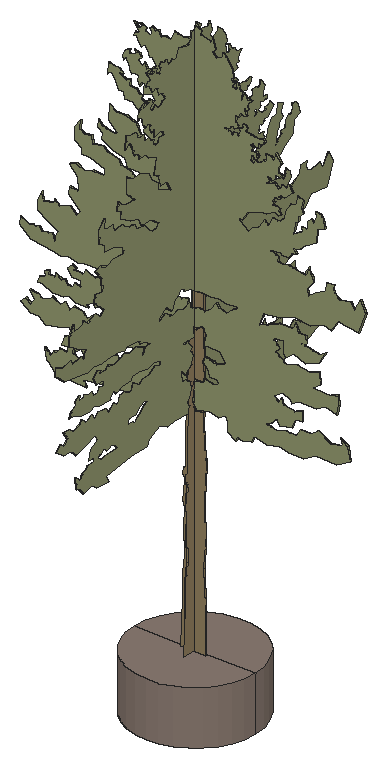
Revit family "L-PL상록교목_스트로브잣나무", category 수목, Revit 2019
Family settings
  OmniClass 번호 = 23.40.05.00
  OmniClass 제목 = Plants and Planting Products
  작업 기준면 기반 = 아니오
  항상 수직 = 예
  로드될 때 보이드를 사용하여 절단 = 아니오
  렌더 모양 소스 = 패밀리 형상
  공유 = 아니오
Parameters (values of type "스트로브잣나무")
  한국산업규격KS = ""
  콘 높이 = 뿌리분 직경 / 4  # 272.5 mm
  조달청표준공사코드-세부공종 = "10161599202809"
  뿌리분 직경 = (24 mm + ((R / 10) - 3 mm) * 5) * 10  # 1090 mm
  뿌리분 높이 = 뿌리분 직경 / 2  # 545 mm
  높이 = 5000 mm
  건설정보분류체계-부위분류 = "E985"
  R = 200 mm
  LIM_INFO_주의사항 = "재배포, 재가공, 판매 금지"
  LIM_INFO_제작일 = "20240306"
  LIM_INFO_버전 = "2024_V01"
  LIM_INFO_PL_학명 = "Pinus strobus"
  LIM_INFO_PL_품명 = "스트로브잣나무"
  LIM_INFO_PL_주당인정수량 = 0
  LIM_INFO_PL_수목단위 = "주"
  LIM_INFO_PL_규격 = "5.0H X 20R"
  LIM_INFO_PL_구분 = "상록교목"
  LIM_INFO_PL_가격 = 0
  LIM_INFO_PL_Qty [instance] = 0
  LIM_INFO_PL_M2당수량 = 0
  KBIMS_식별-버전 = ""
  KBIMS_식별-bSK등록번호 = ""
  KBIMS_보급정보-저작자 = "림인포테크_MMJ"
  KBIMS_보급정보-보급코드 = ""
  H = 높이  # 5000 mm
Reference planes
  plane 1 "중심(앞/뒤)": y = 0
  plane 2: z = 0
  plane 3 "중심(왼쪽/오른쪽)": x = 0
  plane 4: x = 482.5
  plane 5: x = -607.5
  plane 6: z = -545
  plane 7: z = -817.5
  plane 8: z = 5000
  plane 9: x = -100
  plane 10: x = 100
Forms (mm)
  Revolve 1, solid, material "흙"
    sketch origin (0, 0, 0) x (1, 0, 0) y (0, 0, 1)
      loop
        line (0, 0) -> (-607.5, 0) -> (-607.5, -545) -> (0, -545) -> (0, 0)
      axis (0, 0) -> (0, -545)
    angle from 0 to 360
  Revolve 2, solid, material "흙"
    sketch origin (0, 0, 0) x (1, 0, 0) y (0, 0, 1)
      loop
        line (0, -545) -> (-607.5, -545) -> (0, -817.5) -> (0, -545)
      axis (0, -545) -> (0, -817.5)
    angle from 0 to 360
Dimensions and locks
  "뿌리분 직경": plane 4 to plane 5
  "뿌리분 높이": plane 6 to level
  "콘 높이": plane 7 to plane 6
  "H": level to plane 8
  "R": plane 9 to plane 10
  aligned and locked: level to plane 2
Automatic sketch dimensions
  Revolve 1 sketch curve to level = 0 mm  (x2)
  Revolve 1 sketch curve to plane 5 = 0 mm
  Revolve 1 sketch curve to plane 3 "중심(왼쪽/오른쪽)" = 0 mm  (x2)
  Revolve 1 sketch curve to plane 6 = 0 mm  (x2)
  Revolve 2 sketch curve to plane 5 = 0 mm
  Revolve 2 sketch curve to plane 3 "중심(왼쪽/오른쪽)" = 0 mm  (x2)
  Revolve 2 sketch curve to plane 7 = 0 mm  (x2)
  Revolve 2 sketch curve to plane 6 = 0 mm  (x2)
Nested families
  nested 1: "스트로브잣나무.dwg" at (0, -20, 0), type "스트로브잣나무.dwg"
Definition of nested family "스트로브잣나무.dwg"
  Parameters (values of type "스트로브잣나무.dwg")
    Height = 6000 mm
  Reference planes
    plane 1 "중심(앞/뒤)": y = 0
    plane 2: z = 0
    plane 3 "중심(왼쪽/오른쪽)": x = 0
    plane 4 "중심 L/S": x = 0.971
  Forms (mm)
    Extrusion 1, solid, detail levels fine
      sketch origin (0, 0, 0) x (1, 0, 0) y (0, 0, 1)
        loop
          line (-1273.55, 2036.07) -> (-1214.934, 1996.233) -> (-1067.221, 1986.86) -> (-1097.701, 2040.757) -> (-774.14, 2087.624) -> (-588.913, 2085.28) -> (-570.156, 2141.521) -> (-424.788, 2204.792) -> (-326.312, 2148.551) -> (-241.905, 2171.985) -> (-72.585, 2152.737) -> (-60.689, 2221.328) -> (-83.566, 2270.714) -> (-48.794, 2290.834) -> (-35.068, 2365.826) -> (-47.879, 2431.674) -> (-97.291, 2470.999) -> (-157.685, 2470.999) -> (-168.808, 2581.661) -> (-111.072, 2524.528) -> (-47.047, 2568.521) -> (-8.175, 2654.792) -> (-43.046, 2704.498) -> (-25.896, 2737.064) -> (-76.773, 2801.624) -> (-102.497, 2787.912) -> (-148.8, 2808.48) -> (-85.347, 2815.336) -> (-36.757, 2808.48) -> (0.971, 2818.764) -> (-6.46, 2871.327) -> (-17.08, 2915.737) -> (38.472, 2906.97) -> (98.409, 2946.419) -> (137.88, 2874.826) -> (111.566, 2769.629) -> (161.27, 2784.24) -> (269.449, 2772.551) -> (326.462, 2687.809) -> (238.75, 2651.282) -> (129.108, 2681.964) -> (104.256, 2622.06) -> (143.25, 2576.541) -> (166.617, 2516.695) -> (233.798, 2510.857) -> (260.086, 2483.124) -> (210.431, 2458.309) -> (114.041, 2474.366) -> (115.501, 2442.253) -> (19.111, 2430.576) -> (-13.019, 2242.281) -> (38.097, 2170.759) -> (163.696, 2197.032) -> (253.405, 2173.955) -> (323.487, 2219.437) -> (347.151, 2179.412) -> (346.24, 2082.081) -> (432.704, 2031.141) -> (452.727, 2064.797) -> (500.965, 2059.34) -> (592.89, 2080.261) -> (616.499, 2134.56) -> (737.412, 2106.672) -> (872.277, 2132.236) -> (953.661, 2111.32) -> (1111.778, 2111.32) -> (1225.715, 2176.391) -> (1441.964, 2171.743) -> (1576.828, 2243.786) -> (1551.251, 2376.252) -> (1479.168, 2429.704) -> (1495.445, 2359.985) -> (1376.857, 2343.717) -> (1258.269, 2413.436) -> (1190.837, 2364.633) -> (1081.55, 2359.985) -> (1042.02, 2292.59) -> (928.083, 2299.561) -> (835.073, 2267.026) -> (735.087, 2297.237) -> (783.917, 2318.153) -> (837.398, 2366.957) -> (872.277, 2325.125) -> (995.515, 2353.013) -> (1025.744, 2429.704) -> (1095.501, 2434.352) -> (1097.827, 2534.282) -> (1028.069, 2501.747) -> (904.83, 2524.986) -> (888.554, 2580.762) -> (860.651, 2536.606) -> (807.17, 2569.142) -> (902.505, 2631.889) -> (981.564, 2597.029) -> (993.19, 2559.846) -> (1057.287, 2605.111) -> (1243.126, 2609.754) -> (1333.722, 2653.867) -> (1440.579, 2623.685) -> (1463.809, 2721.196) -> (1454.517, 2807.099) -> (1377.859, 2767.63) -> (1196.666, 2776.917) -> (1277.97, 2832.637) -> (1264.033, 2939.436) -> (1159.498, 2904.61) -> (1034.057, 2925.505) -> (934.54, 2892.483) -> (826.81, 2970.451) -> (863.958, 3007.579) -> (793.377, 3089.26) -> (904.821, 3096.685) -> (908.536, 2989.015) -> (930.825, 2955.6) -> (1008.836, 3018.717) -> (1123.996, 2970.451) -> (1268.874, 3026.143) -> (1333.797, 3142.038) -> (1270.891, 3097.659) -> (1093.275, 3134.642) -> (1133.979, 3149.435) -> (1130.279, 3219.702) -> (1059.972, 3219.702) -> (1026.67, 3297.366) -> (1011.868, 3241.892) -> (863.855, 3238.194) -> (664.038, 3156.831) -> (708.442, 3271.478) -> (874.956, 3293.668) -> (1004.468, 3345.444) -> (1182.083, 3326.953) -> (1307.894, 3386.125) -> (1385.601, 3360.237) -> (1459.608, 3460.091) -> (1663.126, 3434.203) -> (1733.432, 3630.212) -> (1681.627, 3733.764) -> (1618.223, 3625.004) -> (1580.639, 3685.683) -> (1470.777, 3665.457) -> (1424.52, 3688.573) -> (1404.282, 3734.805) -> (1414.401, 3775.258) -> (1340.678, 3768.034) -> (1330.56, 3691.462) -> (1232.262, 3640.896) -> (1161.431, 3591.775) -> (1148.421, 3651.009) -> (1209.134, 3721.802) -> (1200.46, 3776.702) -> (1155.649, 3818.6) -> (1135.411, 3763.7) -> (1025.549, 3776.702) -> (961.945, 3799.818) -> (902.678, 3775.258) -> (850.638, 3795.484) -> (859.312, 3834.492) -> (772.36, 3863.213) -> (874.406, 3879.459) -> (888.855, 3866.823) -> (961.099, 3865.018) -> (996.318, 3912.854) -> (1039.665, 3925.489) -> (1009.864, 3957.981) -> (1073.981, 3977.838) -> (1132.68, 4032.894) -> (1239.241, 4090.658) -> (1249.175, 4211.601) -> (1320.516, 4247.703) -> (1304.261, 4328.933) -> (1273.557, 4361.426) -> (1232.017, 4368.646) -> (1241.95, 4319.908) -> (1209.44, 4265.754) -> (1189.573, 4291.928) -> (1153.451, 4250.411) -> (1145.323, 4188.134) -> (1091.14, 4182.719) -> (1093.849, 4143.909) -> (1006.252, 4090.658) -> (1021.604, 4127.663) -> (1031.538, 4200.77) -> (1063.145, 4223.334) -> (1063.145, 4263.949) -> (1108.298, 4303.662) -> (1091.355, 4353.1) -> (1107.21, 4425.126) -> (1049.557, 4449.615) -> (1036.585, 4358.862) -> (978.933, 4347.338) -> (925.604, 4265.229) -> (916.956, 4197.524) -> (857.862, 4158.63) -> (797.327, 4158.63) -> (754.066, 4074.626) -> (717.203, 4114.164) -> (657.862, 4027) -> (596.724, 3999.143) -> (553.567, 3952.416) -> (503.218, 3983.867) -> (448.331, 4036.388) -> (498.915, 4036.388) -> (550.103, 4118.495) -> (670.845, 4172.582) -> (733.536, 4173.477) -> (820.257, 4227.692) -> (857.487, 4205.477) -> (886.938, 4219.917) -> (861.932, 4247.13) -> (870.823, 4271.011) -> (843.595, 4273.788) -> (800.252, 4284.34) -> (819.701, 4314.33) -> (800.808, 4315.44) -> (829.147, 4357.648) -> (848.596, 4346.541) -> (881.381, 4365.979) -> (859.71, 4368.756) -> (877.491, 4389.304) -> (921.386, 4383.396) -> (999.745, 4453.46) -> (980.069, 4483.084) -> (954.458, 4514.541) -> (940.574, 4484.203) -> (886.921, 4485.794) -> (893.226, 4459.361) -> (860.5, 4448.201) -> (814.615, 4486.436) -> (776.88, 4455.94) -> (740.035, 4460.732) -> (768.098, 4481.096) -> (751.231, 4512.324) -> (780.892, 4523.747) -> (787.537, 4488.469) -> (835.135, 4522.397) -> (826.266, 4525.757) -> (827.979, 4556.692) -> (871.197, 4547.342) -> (891.356, 4569.317) -> (905.935, 4550.51) -> (917.32, 4582.037) -> (855.759, 4590.933) -> (857.488, 4626.104) -> (890.591, 4680.612) -> (832.82, 4752.059) -> (831.857, 4721.434) -> (809.398, 4691.395) -> (780.34, 4714.586) -> (729.86, 4710.933) -> (740.876, 4687.78) -> (736.366, 4651.528) -> (708.221, 4653.701) -> (693.761, 4629.466) -> (660.022, 4605.288) -> (626.54, 4613.97) -> (608.165, 4576.207) -> (561.322, 4604.783) -> (589.76, 4609.268) -> (590.938, 4637.856) -> (576.762, 4646.464) -> (595.862, 4653.315) -> (614.18, 4625.16) -> (640.17, 4630.915) -> (653.783, 4649.937) -> (641.762, 4654.319) -> (639.598, 4674.082) -> (663.498, 4672.226) -> (641.622, 4693.532) -> (611.932, 4687.834) -> (585.781, 4687.753) -> (595.723, 4724.835) -> (582.856, 4738.355) -> (602.926, 4760.234) -> (626.6, 4743.584) -> (659.331, 4738.383) -> (661.111, 4774.114) -> (686.142, 4781.611) -> (688.128, 4766.29) -> (709.723, 4791.104) -> (707.069, 4811.122) -> (729.265, 4813.861) -> (709.4, 4834.346) -> (655.247, 4818.197) -> (620.54, 4827.832) -> (576.591, 4832.191) -> (534.872, 4838.47) -> (532.885, 4852.435) -> (547.424, 4875.674) -> (528.296, 4904.087) -> (502.262, 4896.675) -> (505.872, 4860.928) -> (461.699, 4850.623) -> (482.432, 4831.229) -> (460.81, 4776.568) -> (436.876, 4794.545) -> (406.242, 4790.139) -> (399.794, 4768.24) -> (364.7, 4792.015) -> (307.343, 4799.03) -> (327.396, 4815.093) -> (344.126, 4805.784) -> (372.931, 4818.531) -> (354.027, 4829.585) -> (395.383, 4847.512) -> (414.194, 4830.348) -> (448.178, 4845.947) -> (457.109, 4870.252) -> (426.597, 4889.8) -> (430.601, 4911.737) -> (431.199, 4950.84) -> (460.013, 4948.186) -> (482.897, 4985.717) -> (503.796, 4972.891) -> (544.613, 4985.136) -> (530.437, 5003.324) -> (520.838, 5039.795) -> (539.904, 5034.808) -> (555.646, 5042.371) -> (545.585, 5074.163) -> (556.081, 5096.258) -> (594.215, 5137.445) -> (550.477, 5138.524) -> (513.479, 5171.522) -> (501.626, 5137.341) -> (486.36, 5109.853) -> (486.525, 5146.171) -> (509.35, 5182.522) -> (475.093, 5190.482) -> (454.076, 5246.66) -> (421.862, 5260.445) -> (437.901, 5236.37) -> (443.296, 5180.438) -> (394.654, 5192.92) -> (404.523, 5225.179) -> (389.588, 5270.326) -> (407.343, 5281.763) -> (398.648, 5352.531) -> (346.302, 5425.924) -> (300.141, 5464.274) -> (301.072, 5428.009) -> (239.667, 5401.973) -> (195.939, 5437.308) -> (224.781, 5467.993) -> (193.148, 5567.489) -> (182.914, 5524.715) -> (73.129, 5545.172) -> (87.085, 5586.086) -> (32.192, 5627) -> (19.167, 5567.489) -> (-25.491, 5549.821) -> (-23.63, 5498.679) -> (-82.244, 5464.274) -> (-183.655, 5489.38) -> (-227.23, 5396.888) -> (-268.994, 5421.933) -> (-287.557, 5402.454) -> (-322.825, 5398.744) -> (-340.459, 5445.123) -> (-368.302, 5433.065) -> (-404.498, 5456.254) -> (-433.27, 5435.847) -> (-414.707, 5401.526) -> (-424.917, 5364.422) -> (-472.25, 5391.323) -> (-466.682, 5424.716) -> (-520.512, 5446.979) -> (-504.734, 5392.25) -> (-566.917, 5418.223) -> (-540.002, 5443.268) -> (-591.976, 5441.413) -> (-565.989, 5405.237) -> (-534.433, 5350.509) -> (-572.486, 5352.364) -> (-592.904, 5315.26) -> (-559.492, 5320.825) -> (-550.211, 5289.287) -> (-517.728, 5238.269) -> (-480.603, 5262.387) -> (-449.048, 5230.849) -> (-437.91, 5174.265) -> (-408.211, 5183.541) -> (-350.102, 5101.974) -> (-393.587, 5099.656) -> (-409.822, 5071.262) -> (-459.105, 5061.99) -> (-471.281, 5089.226) -> (-486.356, 5111.246) -> (-504.91, 5067.785) -> (-537.379, 5080.533) -> (-546.656, 5112.405) -> (-517.666, 5134.426) -> (-528.682, 5174.41) -> (-583.764, 5186.579) -> (-564.05, 5155.867) -> (-613.914, 5138.482) -> (-634.207, 5143.118) -> (-622.611, 5174.99) -> (-669.575, 5154.708) -> (-702.624, 5095.021) -> (-692.767, 5057.354) -> (-671.894, 5080.533) -> (-639.425, 5044.605) -> (-645.385, 5044.817) -> (-636.488, 4992.95) -> (-608.316, 4957.383) -> (-581.626, 4978.13) -> (-546.041, 4964.793) -> (-550.489, 4923.299) -> (-530.808, 4881.908) -> (-508.632, 4911.46) -> (-487.935, 4909.982) -> (-492.37, 4878.953) -> (-492.37, 4825.76) -> (-445.061, 4840.535) -> (-405.144, 4843.491) -> (-368.184, 4791.775) -> (-439.147, 4791.775) -> (-443.583, 4750.403) -> (-476.107, 4750.403) -> (-514.546, 4772.566) -> (-504.197, 4800.641) -> (-539.679, 4813.939) -> (-564.812, 4847.923) -> (-586.988, 4836.103) -> (-628.383, 4852.356) -> (-626.905, 4904.072) -> (-666.822, 4889.296) -> (-733.35, 4926.236) -> (-697.868, 4926.236) -> (-733.35, 4967.608) -> (-802.835, 4969.086) -> (-841.273, 4988.294) -> (-857.536, 4871.565) -> (-842.752, 4890.773) -> (-808.748, 4909.982) -> (-768.831, 4842.013) -> (-746.655, 4769.611) -> (-691.955, 4765.179) -> (-678.649, 4710.508) -> (-601.772, 4711.985) -> (-564.912, 4671.415) -> (-461.525, 4630.083) -> (-491.064, 4485.421) -> (-436.416, 4445.565) -> (-411.308, 4352.568) -> (-340.414, 4351.092) -> (-294.628, 4261.047) -> (-337.46, 4284.665) -> (-446.755, 4325.998) -> (-446.755, 4393.9) -> (-523.557, 4449.994) -> (-561.958, 4526.753) -> (-660.914, 4568.085) -> (-762.825, 4565.133) -> (-836.673, 4612.37) -> (-839.627, 4469.183) -> (-742.147, 4367.329) -> (-829.288, 4368.806) -> (-909.044, 4398.329) -> (-944.49, 4436.708) -> (-957.783, 4365.853) -> (-903.136, 4328.95) -> (-910.521, 4274.332) -> (-789.41, 4203.477) -> (-687.5, 4175.431) -> (-653.529, 4101.623) -> (-542.758, 4100.147) -> (-445.278, 4029.292) -> (-464.479, 3987.96) -> (-547.189, 4007.15) -> (-615.128, 4078.005) -> (-721.47, 4100.147) -> (-736.239, 4140.003) -> (-851.442, 4175.431) -> (-892.797, 4212.334) -> (-999.138, 4199.049) -> (-1012.431, 4265.476) -> (-1084.802, 4258.095) -> (-1132.064, 4280.237) -> (-1121.726, 4364.377) -> (-1188.189, 4284.665) -> (-1182.281, 4166.574) -> (-1111.387, 4119.337) -> (-1112.864, 4069.148) -> (-1019.854, 4059.704) -> (-888.405, 4010.991) -> (-881.02, 3946.04) -> (-1000.654, 3954.897) -> (-1086.317, 3922.422) -> (-1160.165, 3963.754) -> (-1232.537, 3937.184) -> (-1155.735, 3842.71) -> (-1143.919, 3720.19) -> (-1232.537, 3731.999) -> (-1242.875, 3665.573) -> (-1123.374, 3545.851) -> (-1166.143, 3503.106) -> (-1225.135, 3562.065) -> (-1334.27, 3522.268) -> (-1384.413, 3563.539) -> (-1388.837, 3532.585) -> (-1497.972, 3507.528) -> (-1509.771, 3588.597) -> (-1556.964, 3494.262) -> (-1556.964, 3410.245) -> (-1462.577, 3349.812) -> (-1341.644, 3286.43) -> (-1366.716, 3256.951) -> (-1381.464, 3189.147) -> (-1408.01, 3252.529) -> (-1512.72, 3231.893) -> (-1537.792, 3271.691) -> (-1646.927, 3248.107) -> (-1725.091, 3296.748) -> (-1732.465, 3217.153) -> (-1620.38, 3125.766) -> (-1408.288, 3089.909) -> (-1322.834, 3073.711) -> (-1255.06, 3098.744) -> (-1153.398, 3076.656) -> (-1079.73, 3091.381) -> (-947.128, 3088.436) -> (-860.2, 3066.348) -> (-839.573, 3097.271) -> (-695.184, 3088.436) -> (-668.664, 3047.205) -> (-614.15, 3038.37) -> (-544.902, 2991.248) -> (-605.31, 2989.776) -> (-614.15, 2952.962) -> (-658.351, 2920.566) -> (-636.25, 3000.084) -> (-720.232, 3041.315) -> (-788.006, 3016.282) -> (-861.674, 3045.732) -> (-932.431, 3014.629) -> (-976.632, 3005.794) -> (-1028.199, 3007.266) -> (-1076.82, 3035.245) -> (-1095.974, 2996.958) -> (-1197.635, 2999.903) -> (-1166.695, 3019.047) -> (-1206.476, 3041.135) -> (-1256.569, 2991.068) -> (-1218.262, 2921.859) -> (-1123.968, 2920.386) -> (-1128.388, 2871.792) -> (-1182.902, 2885.045) -> (-1202.056, 2839.396) -> (-1256.569, 2839.396) -> (-1277.196, 2882.1) -> (-1311.084, 2868.847) -> (-1377.385, 2901.243) -> (-1377.385, 2868.847) -> (-1440.739, 2876.21) -> (-1433.372, 2911.551) -> (-1480.519, 2883.573) -> (-1473.153, 2843.814) -> (-1535.034, 2817.308) -> (-1557.134, 2764.297) -> (-1502.62, 2764.297) -> (-1403.905, 2720.12) -> (-1297.824, 2714.23) -> (-1246.256, 2743.681) -> (-1172.588, 2708.34) -> (-1044.406, 2708.34) -> (-1059.14, 2733.373) -> (-998.732, 2767.242) -> (-973.685, 2734.846) -> (-895.597, 2765.769) -> (-786.569, 2764.297) -> (-782.149, 2801.11) -> (-687.854, 2804.055) -> (-581.66, 2784.371) -> (-503.648, 2806.438) -> (-415.333, 2784.371) -> (-416.805, 2741.709) -> (-480.098, 2766.718) -> (-553.693, 2718.171) -> (-639.064, 2719.642) -> (-683.222, 2685.807) -> (-755.346, 2734.354) -> (-786.256, 2660.798) -> (-861.324, 2696.105) -> (-926.088, 2696.105) -> (-949.639, 2619.607) -> (-998.212, 2662.269) -> (-1065.92, 2599.012) -> (-1098.302, 2651.972) -> (-1192.505, 2668.154) -> (-1235.191, 2624.021) -> (-1277.876, 2676.98) -> (-1319.09, 2647.558) -> (-1335.281, 2641.674) -> (-1404.461, 2684.336) -> (-1422.124, 2654.914) -> (-1506.023, 2625.492) -> (-1556.069, 2665.212) -> (-1631.137, 2668.154) -> (-1582.563, 2594.598) -> (-1619.361, 2544.581) -> (-1669.406, 2581.359) -> (-1719.451, 2529.87) -> (-1623.777, 2462.199) -> (-1539.878, 2462.199) -> (-1475.113, 2400.413) -> (-1350, 2432.777) -> (-1239.607, 2472.497) -> (-1201.337, 2418.066) -> (-1287.112, 2366.12) -> (-1311.866, 2279.068) -> (-1254.106, 2280.901) -> (-1253.189, 2240.582) -> (-1333.871, 2243.331) -> (-1343.039, 2210.343) -> (-1396.216, 2200.263) -> (-1416.573, 2148.551) -> (-1479.879, 2202.448) -> (-1468.156, 2092.311) -> (-1447.054, 2085.28) -> (-1379.059, 2014.98) -> (-1273.55, 2036.07)
        loop
          line (-115.863, 3281.369) -> (-132.27, 3308.2) -> (-179.996, 3315.654) -> (-190.437, 3275.406) -> (-239.655, 3254.537) -> (-282.907, 3171.062) -> (-351.515, 3227.706) -> (-442.494, 3174.043) -> (-441.003, 3123.361) -> (-354.498, 3175.533) -> (-315.719, 3151.683) -> (-262.027, 3120.38) -> (-191.928, 3138.267) -> (-126.304, 3117.398) -> (-47.256, 3139.758) -> (-48.748, 3095.039) -> (18.368, 3069.698) -> (67.587, 3102.492) -> (115.313, 3083.114) -> (180.938, 3123.361) -> (240.596, 3203.856) -> (261.477, 3163.608) -> (340.524, 3136.777) -> (400.183, 3200.874) -> (459.842, 3223.234) -> (430.012, 3248.575) -> (337.542, 3230.687) -> (251.037, 3250.065) -> (176.464, 3232.178) -> (88.467, 3247.084) -> (-11.461, 3232.178) -> (-41.29, 3266.463) -> (-115.863, 3281.369)
        loop
          line (-705.177, 2397.705) -> (-653.708, 2427.1) -> (-616.026, 2471.192) -> (-589.372, 2485.889) -> (-609.592, 2507.935) -> (-695.986, 2487.726) -> (-721.72, 2436.286) -> (-775.946, 2436.286) -> (-819.143, 2436.286) -> (-838.444, 2386.683) -> (-763.998, 2386.683) -> (-734.588, 2358.207) -> (-705.177, 2397.705)
        loop
          line (-1201.073, 2248.645) -> (-1156.104, 2219.293) -> (-1104.711, 2231.217) -> (-966.132, 2233.969) -> (-979.898, 2274.327) -> (-1024.868, 2293.589) -> (-1090.027, 2270.658) -> (-1123.065, 2310.099) -> (-1178.13, 2268.824) -> (-1194.649, 2297.258) -> (-1201.073, 2248.645)
      from 0 to 5
    Extrusion 2, solid, detail levels fine
      sketch origin (0, 0, 0) x (1, 0, 0) y (0, 0, 1)
        loop
          line (-75.441, 1909.508) -> (-76.446, 1793.638) -> (-75.906, 1607.571) -> (-96.951, 1616.74) -> (-104.506, 1557.954) -> (-82.382, 1523.976) -> (-91.555, 1380.79) -> (-100.188, 1324.7) -> (-86.158, 1252.97) -> (-91.554, 1086.038) -> (-83.46, 835.253) -> (-102.34, 663.416) -> (-104.498, 460.63) -> (-112.045, 204.219) -> (-125, 0) -> (125, 0) -> (123.693, 428.771) -> (109.879, 781.565) -> (123.923, 1004.283) -> (112.733, 1387.349) -> (135.554, 1709.574) -> (134.055, 1764.998) -> (123.564, 1756.01) -> (107.145, 2085.974) -> (111.641, 2174.353) -> (32.475, 2158.759) -> (-21.444, 2241.935) -> (15.486, 2446.013) -> (107.5, 2451.285) -> (106.914, 2477.058) -> (115.118, 2488.187) -> (112.188, 2602.994) -> (96.364, 2622.909) -> (115.126, 2670.03) -> (116.298, 2760.821) -> (108.679, 2758.478) -> (108.093, 2776.051) -> (108.679, 2913.702) -> (95.786, 2936.546) -> (40.109, 2896.129) -> (-7.949, 2906.087) -> (2.6, 2869.77) -> (7.289, 2814.124) -> (-34.908, 2801.238) -> (-58.005, 2805.872) -> (-58.739, 2784.597) -> (-17.265, 2736.91) -> (-37.451, 2703.529) -> (-1.116, 2652.907) -> (-44.813, 2561.048) -> (-68.67, 2546.375) -> (-72.34, 2456.137) -> (-43.716, 2432.481) -> (-29.402, 2363.885) -> (-46.652, 2282.818) -> (-62.801, 2274.381) -> (-62.801, 2236.965) -> (-55.831, 2221.048) -> (-62.529, 2175.66) -> (-75.441, 1909.508)
        loop
          line (109.458, 3095.921) -> (109.458, 3236.643) -> (90.14, 3241.819) -> (-13.568, 3225.393) -> (-13.568, 3085.393) -> (16.288, 3077.394) -> (68.54, 3106.885) -> (109.458, 3095.921)
      from 0 to 5
    Extrusion 3, solid, detail levels fine
      sketch origin (0.971, 0, 0) x (0, 1, 0) y (0, 0, 1)
        loop
          line (-1274.521, 2036.07) -> (-1215.905, 1996.233) -> (-1068.192, 1986.86) -> (-1098.673, 2040.757) -> (-775.111, 2087.624) -> (-589.884, 2085.28) -> (-571.127, 2141.521) -> (-425.759, 2204.792) -> (-327.284, 2148.551) -> (-242.876, 2171.985) -> (-73.556, 2152.737) -> (-61.661, 2221.328) -> (-84.537, 2270.714) -> (-49.765, 2290.834) -> (-36.039, 2365.826) -> (-48.85, 2431.674) -> (-98.263, 2470.999) -> (-158.656, 2470.999) -> (-169.779, 2581.661) -> (-112.043, 2524.528) -> (-48.018, 2568.521) -> (-9.146, 2654.792) -> (-44.017, 2704.498) -> (-26.867, 2737.064) -> (-77.744, 2801.624) -> (-103.468, 2787.912) -> (-149.772, 2808.48) -> (-86.319, 2815.336) -> (-37.729, 2808.48) -> (0, 2818.764) -> (-7.431, 2871.327) -> (-18.051, 2915.737) -> (37.5, 2906.97) -> (97.437, 2946.419) -> (136.908, 2874.826) -> (110.594, 2769.629) -> (160.298, 2784.24) -> (268.478, 2772.551) -> (325.491, 2687.809) -> (237.778, 2651.282) -> (128.137, 2681.964) -> (103.285, 2622.06) -> (142.279, 2576.541) -> (165.646, 2516.695) -> (232.827, 2510.857) -> (259.115, 2483.124) -> (209.459, 2458.309) -> (113.069, 2474.366) -> (114.53, 2442.253) -> (18.14, 2430.576) -> (-13.99, 2242.281) -> (37.126, 2170.759) -> (162.725, 2197.032) -> (252.434, 2173.955) -> (322.515, 2219.437) -> (346.179, 2179.412) -> (345.269, 2082.081) -> (431.733, 2031.141) -> (451.756, 2064.797) -> (499.994, 2059.34) -> (591.918, 2080.261) -> (615.528, 2134.56) -> (736.441, 2106.672) -> (871.306, 2132.236) -> (952.689, 2111.32) -> (1110.807, 2111.32) -> (1224.744, 2176.391) -> (1440.993, 2171.743) -> (1575.857, 2243.786) -> (1550.279, 2376.252) -> (1478.197, 2429.704) -> (1494.473, 2359.985) -> (1375.885, 2343.717) -> (1257.298, 2413.436) -> (1189.865, 2364.633) -> (1080.578, 2359.985) -> (1041.049, 2292.59) -> (927.112, 2299.561) -> (834.102, 2267.026) -> (734.116, 2297.237) -> (782.946, 2318.153) -> (836.427, 2366.957) -> (871.306, 2325.125) -> (994.544, 2353.013) -> (1024.772, 2429.704) -> (1094.53, 2434.352) -> (1096.855, 2534.282) -> (1027.097, 2501.747) -> (903.859, 2524.986) -> (887.582, 2580.762) -> (859.679, 2536.606) -> (806.199, 2569.142) -> (901.534, 2631.889) -> (980.593, 2597.029) -> (992.219, 2559.846) -> (1056.316, 2605.111) -> (1242.154, 2609.754) -> (1332.75, 2653.867) -> (1439.608, 2623.685) -> (1462.837, 2721.196) -> (1453.545, 2807.099) -> (1376.887, 2767.63) -> (1195.695, 2776.917) -> (1276.999, 2832.637) -> (1263.061, 2939.436) -> (1158.527, 2904.61) -> (1033.086, 2925.505) -> (933.569, 2892.483) -> (825.839, 2970.451) -> (862.987, 3007.579) -> (792.405, 3089.26) -> (903.85, 3096.685) -> (907.565, 2989.015) -> (929.854, 2955.6) -> (1007.865, 3018.717) -> (1123.024, 2970.451) -> (1267.902, 3026.143) -> (1332.825, 3142.038) -> (1269.92, 3097.659) -> (1092.304, 3134.642) -> (1133.008, 3149.435) -> (1129.307, 3219.702) -> (1059.001, 3219.702) -> (1025.698, 3297.366) -> (1010.897, 3241.892) -> (862.884, 3238.194) -> (663.066, 3156.831) -> (707.47, 3271.478) -> (873.985, 3293.668) -> (1003.496, 3345.444) -> (1181.112, 3326.953) -> (1306.923, 3386.125) -> (1384.63, 3360.237) -> (1458.637, 3460.091) -> (1662.154, 3434.203) -> (1732.46, 3630.212) -> (1680.656, 3733.764) -> (1617.252, 3625.004) -> (1579.667, 3685.683) -> (1469.806, 3665.457) -> (1423.549, 3688.573) -> (1403.311, 3734.805) -> (1413.43, 3775.258) -> (1339.707, 3768.034) -> (1329.588, 3691.462) -> (1231.291, 3640.896) -> (1160.459, 3591.775) -> (1147.449, 3651.009) -> (1208.162, 3721.802) -> (1199.489, 3776.702) -> (1154.677, 3818.6) -> (1134.439, 3763.7) -> (1024.578, 3776.702) -> (960.974, 3799.818) -> (901.707, 3775.258) -> (849.667, 3795.484) -> (858.34, 3834.492) -> (771.389, 3863.213) -> (873.434, 3879.459) -> (887.883, 3866.823) -> (960.128, 3865.018) -> (995.347, 3912.854) -> (1038.694, 3925.489) -> (1008.893, 3957.981) -> (1073.01, 3977.838) -> (1131.709, 4032.894) -> (1238.27, 4090.658) -> (1248.203, 4211.601) -> (1319.545, 4247.703) -> (1303.29, 4328.933) -> (1272.586, 4361.426) -> (1231.045, 4368.646) -> (1240.979, 4319.908) -> (1208.469, 4265.754) -> (1188.602, 4291.928) -> (1152.479, 4250.411) -> (1144.352, 4188.134) -> (1090.168, 4182.719) -> (1092.877, 4143.909) -> (1005.281, 4090.658) -> (1020.633, 4127.663) -> (1030.566, 4200.77) -> (1062.173, 4223.334) -> (1062.173, 4263.949) -> (1107.326, 4303.662) -> (1090.384, 4353.1) -> (1106.239, 4425.126) -> (1048.586, 4449.615) -> (1035.614, 4358.862) -> (977.962, 4347.338) -> (924.633, 4265.229) -> (915.985, 4197.524) -> (856.891, 4158.63) -> (796.356, 4158.63) -> (753.094, 4074.626) -> (716.231, 4114.164) -> (656.891, 4027) -> (595.753, 3999.143) -> (552.596, 3952.416) -> (502.247, 3983.867) -> (447.359, 4036.388) -> (497.943, 4036.388) -> (549.131, 4118.495) -> (669.873, 4172.582) -> (732.564, 4173.477) -> (819.285, 4227.692) -> (856.515, 4205.477) -> (885.966, 4219.917) -> (860.961, 4247.13) -> (869.852, 4271.011) -> (842.624, 4273.788) -> (799.281, 4284.34) -> (818.73, 4314.33) -> (799.837, 4315.44) -> (828.176, 4357.648) -> (847.625, 4346.541) -> (880.41, 4365.979) -> (858.738, 4368.756) -> (876.52, 4389.304) -> (920.415, 4383.396) -> (998.773, 4453.46) -> (979.098, 4483.084) -> (953.486, 4514.541) -> (939.602, 4484.203) -> (885.949, 4485.794) -> (892.254, 4459.361) -> (859.529, 4448.201) -> (813.643, 4486.436) -> (775.909, 4455.94) -> (739.063, 4460.732) -> (767.126, 4481.096) -> (750.26, 4512.324) -> (779.92, 4523.747) -> (786.566, 4488.469) -> (834.163, 4522.397) -> (825.295, 4525.757) -> (827.007, 4556.692) -> (870.226, 4547.342) -> (890.384, 4569.317) -> (904.963, 4550.51) -> (916.348, 4582.037) -> (854.787, 4590.933) -> (856.516, 4626.104) -> (889.619, 4680.612) -> (831.849, 4752.059) -> (830.886, 4721.434) -> (808.427, 4691.395) -> (779.368, 4714.586) -> (728.889, 4710.933) -> (739.904, 4687.78) -> (735.395, 4651.528) -> (707.25, 4653.701) -> (692.79, 4629.466) -> (659.051, 4605.288) -> (625.568, 4613.97) -> (607.193, 4576.207) -> (560.351, 4604.783) -> (588.789, 4609.268) -> (589.967, 4637.856) -> (575.79, 4646.464) -> (594.891, 4653.315) -> (613.208, 4625.16) -> (639.199, 4630.915) -> (652.812, 4649.937) -> (640.791, 4654.319) -> (638.626, 4674.082) -> (662.527, 4672.226) -> (640.651, 4693.532) -> (610.961, 4687.834) -> (584.81, 4687.753) -> (594.752, 4724.835) -> (581.884, 4738.355) -> (601.955, 4760.234) -> (625.629, 4743.584) -> (658.359, 4738.383) -> (660.14, 4774.114) -> (685.171, 4781.611) -> (687.156, 4766.29) -> (708.752, 4791.104) -> (706.098, 4811.122) -> (728.294, 4813.861) -> (708.429, 4834.346) -> (654.276, 4818.197) -> (619.569, 4827.832) -> (575.62, 4832.191) -> (533.901, 4838.47) -> (531.914, 4852.435) -> (546.453, 4875.674) -> (527.325, 4904.087) -> (501.291, 4896.675) -> (504.901, 4860.928) -> (460.727, 4850.623) -> (481.46, 4831.229) -> (459.838, 4776.568) -> (435.905, 4794.545) -> (405.271, 4790.139) -> (398.822, 4768.24) -> (363.729, 4792.015) -> (306.371, 4799.03) -> (326.424, 4815.093) -> (343.155, 4805.784) -> (371.96, 4818.531) -> (353.056, 4829.585) -> (394.412, 4847.512) -> (413.222, 4830.348) -> (447.207, 4845.947) -> (456.137, 4870.252) -> (425.625, 4889.8) -> (429.629, 4911.737) -> (430.228, 4950.84) -> (459.042, 4948.186) -> (481.926, 4985.717) -> (502.825, 4972.891) -> (543.642, 4985.136) -> (529.465, 5003.324) -> (519.867, 5039.795) -> (538.933, 5034.808) -> (554.675, 5042.371) -> (544.614, 5074.163) -> (555.109, 5096.258) -> (593.244, 5137.445) -> (549.506, 5138.524) -> (512.507, 5171.522) -> (500.655, 5137.341) -> (485.389, 5109.853) -> (485.554, 5146.171) -> (508.378, 5182.522) -> (474.122, 5190.482) -> (453.105, 5246.66) -> (420.89, 5260.445) -> (436.93, 5236.37) -> (442.324, 5180.438) -> (393.682, 5192.92) -> (403.552, 5225.179) -> (388.617, 5270.326) -> (406.372, 5281.763) -> (397.676, 5352.531) -> (345.331, 5425.924) -> (299.17, 5464.274) -> (300.1, 5428.009) -> (238.695, 5401.973) -> (194.968, 5437.308) -> (223.809, 5467.993) -> (192.176, 5567.489) -> (181.942, 5524.715) -> (72.158, 5545.172) -> (86.113, 5586.086) -> (31.221, 5627) -> (18.196, 5567.489) -> (-26.462, 5549.821) -> (-24.602, 5498.679) -> (-83.215, 5464.274) -> (-184.627, 5489.38) -> (-228.201, 5396.888) -> (-269.966, 5421.933) -> (-288.528, 5402.454) -> (-323.796, 5398.744) -> (-341.43, 5445.123) -> (-369.273, 5433.065) -> (-405.47, 5456.254) -> (-434.241, 5435.847) -> (-415.679, 5401.526) -> (-425.888, 5364.422) -> (-473.222, 5391.323) -> (-467.653, 5424.716) -> (-521.483, 5446.979) -> (-505.705, 5392.25) -> (-567.889, 5418.223) -> (-540.974, 5443.268) -> (-592.948, 5441.413) -> (-566.961, 5405.237) -> (-535.405, 5350.509) -> (-573.457, 5352.364) -> (-593.876, 5315.26) -> (-560.464, 5320.825) -> (-551.183, 5289.287) -> (-518.699, 5238.269) -> (-481.574, 5262.387) -> (-450.019, 5230.849) -> (-438.881, 5174.265) -> (-409.182, 5183.541) -> (-351.073, 5101.974) -> (-394.559, 5099.656) -> (-410.793, 5071.262) -> (-460.077, 5061.99) -> (-472.253, 5089.226) -> (-487.328, 5111.246) -> (-505.881, 5067.785) -> (-538.351, 5080.533) -> (-547.627, 5112.405) -> (-518.637, 5134.426) -> (-529.654, 5174.41) -> (-584.735, 5186.579) -> (-565.022, 5155.867) -> (-614.885, 5138.482) -> (-635.178, 5143.118) -> (-623.582, 5174.99) -> (-670.546, 5154.708) -> (-703.595, 5095.021) -> (-693.739, 5057.354) -> (-672.866, 5080.533) -> (-640.396, 5044.605) -> (-646.356, 5044.817) -> (-637.459, 4992.95) -> (-609.287, 4957.383) -> (-582.598, 4978.13) -> (-547.012, 4964.793) -> (-551.46, 4923.299) -> (-531.78, 4881.908) -> (-509.604, 4911.46) -> (-488.906, 4909.982) -> (-493.341, 4878.953) -> (-493.341, 4825.76) -> (-446.032, 4840.535) -> (-406.115, 4843.491) -> (-369.155, 4791.775) -> (-440.119, 4791.775) -> (-444.554, 4750.403) -> (-477.079, 4750.403) -> (-515.517, 4772.566) -> (-505.169, 4800.641) -> (-540.65, 4813.939) -> (-565.783, 4847.923) -> (-587.959, 4836.103) -> (-629.354, 4852.356) -> (-627.876, 4904.072) -> (-667.793, 4889.296) -> (-734.321, 4926.236) -> (-698.839, 4926.236) -> (-734.321, 4967.608) -> (-803.806, 4969.086) -> (-842.245, 4988.294) -> (-858.507, 4871.565) -> (-843.723, 4890.773) -> (-809.72, 4909.982) -> (-769.803, 4842.013) -> (-747.627, 4769.611) -> (-692.926, 4765.179) -> (-679.62, 4710.508) -> (-602.743, 4711.985) -> (-565.883, 4671.415) -> (-462.496, 4630.083) -> (-492.035, 4485.421) -> (-437.388, 4445.565) -> (-412.28, 4352.568) -> (-341.386, 4351.092) -> (-295.6, 4261.047) -> (-338.431, 4284.665) -> (-447.727, 4325.998) -> (-447.727, 4393.9) -> (-524.529, 4449.994) -> (-562.93, 4526.753) -> (-661.886, 4568.085) -> (-763.796, 4565.133) -> (-837.644, 4612.37) -> (-840.598, 4469.183) -> (-743.119, 4367.329) -> (-830.259, 4368.806) -> (-910.015, 4398.329) -> (-945.462, 4436.708) -> (-958.755, 4365.853) -> (-904.107, 4328.95) -> (-911.492, 4274.332) -> (-790.381, 4203.477) -> (-688.471, 4175.431) -> (-654.501, 4101.623) -> (-543.729, 4100.147) -> (-446.25, 4029.292) -> (-465.45, 3987.96) -> (-548.16, 4007.15) -> (-616.1, 4078.005) -> (-722.441, 4100.147) -> (-737.211, 4140.003) -> (-852.414, 4175.431) -> (-893.768, 4212.334) -> (-1000.109, 4199.049) -> (-1013.402, 4265.476) -> (-1085.773, 4258.095) -> (-1133.036, 4280.237) -> (-1122.697, 4364.377) -> (-1189.16, 4284.665) -> (-1183.253, 4166.574) -> (-1112.359, 4119.337) -> (-1113.835, 4069.148) -> (-1020.826, 4059.704) -> (-889.376, 4010.991) -> (-881.991, 3946.04) -> (-1001.625, 3954.897) -> (-1087.289, 3922.422) -> (-1161.137, 3963.754) -> (-1233.508, 3937.184) -> (-1156.706, 3842.71) -> (-1144.89, 3720.19) -> (-1233.508, 3731.999) -> (-1243.846, 3665.573) -> (-1124.345, 3545.851) -> (-1167.115, 3503.106) -> (-1226.106, 3562.065) -> (-1335.241, 3522.268) -> (-1385.384, 3563.539) -> (-1389.809, 3532.585) -> (-1498.944, 3507.528) -> (-1510.742, 3588.597) -> (-1557.936, 3494.262) -> (-1557.936, 3410.245) -> (-1463.548, 3349.812) -> (-1342.615, 3286.43) -> (-1367.687, 3256.951) -> (-1382.435, 3189.147) -> (-1408.981, 3252.529) -> (-1513.692, 3231.893) -> (-1538.763, 3271.691) -> (-1647.898, 3248.107) -> (-1726.062, 3296.748) -> (-1733.436, 3217.153) -> (-1621.352, 3125.766) -> (-1409.26, 3089.909) -> (-1323.805, 3073.711) -> (-1256.031, 3098.744) -> (-1154.369, 3076.656) -> (-1080.702, 3091.381) -> (-948.1, 3088.436) -> (-861.172, 3066.348) -> (-840.545, 3097.271) -> (-696.156, 3088.436) -> (-669.635, 3047.205) -> (-615.121, 3038.37) -> (-545.873, 2991.248) -> (-606.281, 2989.776) -> (-615.121, 2952.962) -> (-659.322, 2920.566) -> (-637.222, 3000.084) -> (-721.203, 3041.315) -> (-788.977, 3016.282) -> (-862.645, 3045.732) -> (-933.403, 3014.629) -> (-977.603, 3005.794) -> (-1029.171, 3007.266) -> (-1077.791, 3035.245) -> (-1096.945, 2996.958) -> (-1198.607, 2999.903) -> (-1167.666, 3019.047) -> (-1207.447, 3041.135) -> (-1257.541, 2991.068) -> (-1219.234, 2921.859) -> (-1124.939, 2920.386) -> (-1129.359, 2871.792) -> (-1183.873, 2885.045) -> (-1203.027, 2839.396) -> (-1257.541, 2839.396) -> (-1278.168, 2882.1) -> (-1312.055, 2868.847) -> (-1378.356, 2901.243) -> (-1378.356, 2868.847) -> (-1441.71, 2876.21) -> (-1434.344, 2911.551) -> (-1481.491, 2883.573) -> (-1474.124, 2843.814) -> (-1536.005, 2817.308) -> (-1558.105, 2764.297) -> (-1503.591, 2764.297) -> (-1404.877, 2720.12) -> (-1298.795, 2714.23) -> (-1247.227, 2743.681) -> (-1173.559, 2708.34) -> (-1045.378, 2708.34) -> (-1060.111, 2733.373) -> (-999.704, 2767.242) -> (-974.656, 2734.846) -> (-896.569, 2765.769) -> (-787.54, 2764.297) -> (-783.12, 2801.11) -> (-688.826, 2804.055) -> (-582.631, 2784.371) -> (-504.62, 2806.438) -> (-416.305, 2784.371) -> (-417.776, 2741.709) -> (-481.069, 2766.718) -> (-554.665, 2718.171) -> (-640.036, 2719.642) -> (-684.193, 2685.807) -> (-756.317, 2734.354) -> (-787.227, 2660.798) -> (-862.295, 2696.105) -> (-927.06, 2696.105) -> (-950.61, 2619.607) -> (-999.183, 2662.269) -> (-1066.892, 2599.012) -> (-1099.274, 2651.972) -> (-1193.477, 2668.154) -> (-1236.162, 2624.021) -> (-1278.848, 2676.98) -> (-1320.061, 2647.558) -> (-1336.253, 2641.674) -> (-1405.433, 2684.336) -> (-1423.096, 2654.914) -> (-1506.995, 2625.492) -> (-1557.04, 2665.212) -> (-1632.108, 2668.154) -> (-1583.535, 2594.598) -> (-1620.332, 2544.581) -> (-1670.377, 2581.359) -> (-1720.423, 2529.87) -> (-1624.748, 2462.199) -> (-1540.849, 2462.199) -> (-1476.085, 2400.413) -> (-1350.972, 2432.777) -> (-1240.578, 2472.497) -> (-1202.308, 2418.066) -> (-1288.083, 2366.12) -> (-1312.838, 2279.068) -> (-1255.077, 2280.901) -> (-1254.16, 2240.582) -> (-1334.842, 2243.331) -> (-1344.01, 2210.343) -> (-1397.187, 2200.263) -> (-1417.545, 2148.551) -> (-1480.85, 2202.448) -> (-1469.127, 2092.311) -> (-1448.025, 2085.28) -> (-1380.03, 2014.98) -> (-1274.521, 2036.07)
        loop
          line (-116.835, 3281.369) -> (-133.241, 3308.2) -> (-180.968, 3315.654) -> (-191.408, 3275.406) -> (-240.626, 3254.537) -> (-283.879, 3171.062) -> (-352.486, 3227.706) -> (-443.465, 3174.043) -> (-441.974, 3123.361) -> (-355.469, 3175.533) -> (-316.691, 3151.683) -> (-262.998, 3120.38) -> (-192.899, 3138.267) -> (-127.275, 3117.398) -> (-48.227, 3139.758) -> (-49.719, 3095.039) -> (17.397, 3069.698) -> (66.615, 3102.492) -> (114.342, 3083.114) -> (179.967, 3123.361) -> (239.625, 3203.856) -> (260.506, 3163.608) -> (339.553, 3136.777) -> (399.212, 3200.874) -> (458.87, 3223.234) -> (429.041, 3248.575) -> (336.57, 3230.687) -> (250.065, 3250.065) -> (175.492, 3232.178) -> (87.496, 3247.084) -> (-12.432, 3232.178) -> (-42.262, 3266.463) -> (-116.835, 3281.369)
        loop
          line (-706.148, 2397.705) -> (-654.679, 2427.1) -> (-616.997, 2471.192) -> (-590.344, 2485.889) -> (-610.563, 2507.935) -> (-696.957, 2487.726) -> (-722.692, 2436.286) -> (-776.918, 2436.286) -> (-820.114, 2436.286) -> (-839.415, 2386.683) -> (-764.969, 2386.683) -> (-735.559, 2358.207) -> (-706.148, 2397.705)
        loop
          line (-1202.044, 2248.645) -> (-1157.075, 2219.293) -> (-1105.682, 2231.217) -> (-967.104, 2233.969) -> (-980.87, 2274.327) -> (-1025.839, 2293.589) -> (-1090.998, 2270.658) -> (-1124.037, 2310.099) -> (-1179.101, 2268.824) -> (-1195.62, 2297.258) -> (-1202.044, 2248.645)
      from 0 to 5
    Extrusion 4, solid, detail levels fine
      sketch origin (0.971, 0, 0) x (0, 1, 0) y (0, 0, 1)
        loop
          line (-76.412, 1909.508) -> (-77.417, 1793.638) -> (-76.878, 1607.571) -> (-97.923, 1616.74) -> (-105.478, 1557.954) -> (-83.353, 1523.976) -> (-92.526, 1380.79) -> (-101.16, 1324.7) -> (-87.13, 1252.97) -> (-92.526, 1086.038) -> (-84.431, 835.253) -> (-103.311, 663.416) -> (-105.47, 460.63) -> (-113.016, 204.219) -> (-125.971, 0) -> (124.029, 0) -> (122.722, 428.771) -> (108.907, 781.565) -> (122.952, 1004.283) -> (111.762, 1387.349) -> (134.583, 1709.574) -> (133.084, 1764.998) -> (122.592, 1756.01) -> (106.173, 2085.974) -> (110.67, 2174.353) -> (31.503, 2158.759) -> (-22.415, 2241.935) -> (14.515, 2446.013) -> (106.528, 2451.285) -> (105.942, 2477.058) -> (114.147, 2488.187) -> (111.217, 2602.994) -> (95.393, 2622.909) -> (114.155, 2670.03) -> (115.327, 2760.821) -> (107.708, 2758.478) -> (107.122, 2776.051) -> (107.708, 2913.702) -> (94.814, 2936.546) -> (39.138, 2896.129) -> (-8.92, 2906.087) -> (1.629, 2869.77) -> (6.317, 2814.124) -> (-35.88, 2801.238) -> (-58.976, 2805.872) -> (-59.71, 2784.597) -> (-18.236, 2736.91) -> (-38.423, 2703.529) -> (-2.087, 2652.907) -> (-45.785, 2561.048) -> (-69.641, 2546.375) -> (-73.311, 2456.137) -> (-44.687, 2432.481) -> (-30.373, 2363.885) -> (-47.623, 2282.818) -> (-63.772, 2274.381) -> (-63.772, 2236.965) -> (-56.803, 2221.048) -> (-63.501, 2175.66) -> (-76.412, 1909.508)
        loop
          line (108.487, 3095.921) -> (108.487, 3236.643) -> (89.168, 3241.819) -> (-14.539, 3225.393) -> (-14.539, 3085.393) -> (15.317, 3077.394) -> (67.568, 3106.885) -> (108.487, 3095.921)
      from 0 to 5
    Revolve 5, solid, detail levels coarse
      sketch origin (0, 0, 0) x (1, 0, 0) y (0, 0, 1)
        loop
          line (0, 0) -> (0, 5600) -> (-592.904, 5315.26) -> (-2008.302, 2863.72) -> (-1468.156, 2092.311) -> (-125, 2092.311) -> (-125, 0) -> (0, 0)
        axis (0, 5600) -> (0, 0)
      angle from 0 to 360
  Lines and regions (mm)
    symbolic lines
      curve 1: line (-1166.532, -568.439, 0) -> (-1225.925, -526.255, 0)
      curve 2: line (-1225.925, -526.255, 0) -> (-1305.105, -526.445, 0)
      curve 3: line (-1305.105, -526.445, 0) -> (-1343.524, -529.4, 0)
      curve 4: line (-1343.524, -529.4, 0) -> (-1244.844, -445.848, 0)
      curve 5: line (-1244.844, -445.848, 0) -> (-1221.616, -361.719, 0)
      curve 6: line (-1221.616, -361.719, 0) -> (-1211.925, -304.843, 0)
      curve 7: line (-1211.925, -304.843, 0) -> (-1335.156, -223.604, 0)
      curve 8: line (-1335.156, -223.604, 0) -> (-1406.463, -218.968, 0)
      curve 9: line (-1406.463, -218.968, 0) -> (-1314.943, -166.128, 0)
      curve 10: line (-1314.943, -166.128, 0) -> (-1284.233, -87.399, 0)
      curve 11: line (-1284.233, -87.399, 0) -> (-1317.323, -30.086, 0)
      curve 12: line (-1317.323, -30.086, 0) -> (-1385.395, 22, 0)
      curve 13: line (-1385.395, 22, 0) -> (-1485.599, 63.355, 0)
      curve 14: line (-1485.599, 63.355, 0) -> (-1595.868, 96.98, 0)
      curve 15: line (-1595.868, 96.98, 0) -> (-1624.704, 66.833, 0)
      curve 16: line (-1624.704, 66.833, 0) -> (-1550.23, 56.428, 0)
      curve 17: line (-1550.23, 56.428, 0) -> (-1400.413, 88.163, 0)
      curve 18: line (-1400.413, 88.163, 0) -> (-1305.574, 121.487, 0)
      curve 19: line (-1305.574, 121.487, 0) -> (-1242.799, 157.73, 0)
      curve 20: line (-1242.799, 157.73, 0) -> (-1219.827, 170.993, 0)
      curve 21: line (-1219.827, 170.993, 0) -> (-1228.237, 211.943, 0)
      curve 22: line (-1268.083, 333.728, 0) -> (-1302.101, 405.698, 0)
      curve 23: line (-1302.101, 405.698, 0) -> (-1360.304, 440.691, 0)
      curve 24: line (-1360.304, 440.691, 0) -> (-1263.787, 458.207, 0)
      curve 25: line (-1263.787, 458.207, 0) -> (-1212.314, 487.925, 0)
      curve 26: line (-1212.314, 487.925, 0) -> (-1230.69, 546.136, 0)
      curve 27: line (-1230.69, 546.136, 0) -> (-1298.762, 598.222, 0)
      curve 28: line (-1298.762, 598.222, 0) -> (-1242.389, 592.784, 0)
      curve 29: line (-1242.389, 592.784, 0) -> (-1180.951, 605.24, 0)
      curve 30: line (-1180.951, 605.24, 0) -> (-1156.519, 642.36, 0)
      curve 31: line (-1156.519, 642.36, 0) -> (-1169.147, 703.666, 0)
      curve 32: line (-1169.147, 703.666, 0) -> (-1129.753, 688.202, 0)
      curve 33: line (1178.475, 611.832, 0) -> (1237.868, 569.648, 0)
      curve 34: line (1237.868, 569.648, 0) -> (1317.048, 569.838, 0)
      curve 35: line (1317.048, 569.838, 0) -> (1355.467, 572.793, 0)
      curve 36: line (1355.467, 572.793, 0) -> (1256.787, 489.241, 0)
      curve 37: line (1256.787, 489.241, 0) -> (1233.559, 405.112, 0)
      curve 38: line (1233.559, 405.112, 0) -> (1223.867, 348.236, 0)
      curve 39: line (1223.867, 348.236, 0) -> (1347.099, 266.997, 0)
      curve 40: line (1347.099, 266.997, 0) -> (1418.406, 262.36, 0)
      curve 41: line (1418.406, 262.36, 0) -> (1326.886, 209.521, 0)
      curve 42: line (1326.886, 209.521, 0) -> (1296.176, 130.791, 0)
      curve 43: line (1296.176, 130.791, 0) -> (1329.265, 73.479, 0)
      curve 44: line (1329.265, 73.479, 0) -> (1397.337, 21.393, 0)
      curve 45: line (1397.337, 21.393, 0) -> (1497.542, -19.962, 0)
      curve 46: line (1497.542, -19.962, 0) -> (1607.811, -53.588, 0)
      curve 47: line (1607.811, -53.588, 0) -> (1636.647, -23.441, 0)
      curve 48: line (1636.647, -23.441, 0) -> (1562.173, -13.035, 0)
      curve 49: line (1562.173, -13.035, 0) -> (1412.356, -44.77, 0)
      curve 50: line (1412.356, -44.77, 0) -> (1317.516, -78.094, 0)
      curve 51: line (1317.516, -78.094, 0) -> (1254.742, -114.337, 0)
      curve 52: line (1254.742, -114.337, 0) -> (1231.77, -127.6, 0)
      curve 53: line (1231.77, -127.6, 0) -> (1240.18, -168.55, 0)
      curve 54: line (1251.231, -234.246, 0) -> (1285.248, -306.217, 0)
      curve 55: line (1285.248, -306.217, 0) -> (1343.452, -341.21, 0)
      curve 56: line (1343.452, -341.21, 0) -> (1246.934, -358.725, 0)
      curve 57: line (1246.934, -358.725, 0) -> (1195.462, -388.443, 0)
      curve 58: line (1195.462, -388.443, 0) -> (1213.837, -446.654, 0)
      curve 59: line (1213.837, -446.654, 0) -> (1281.909, -498.74, 0)
      curve 60: line (1281.909, -498.74, 0) -> (1225.536, -493.302, 0)
      curve 61: line (1225.536, -493.302, 0) -> (1164.098, -505.759, 0)
      curve 62: line (1164.098, -505.759, 0) -> (1139.667, -542.879, 0)
      curve 63: line (1139.667, -542.879, 0) -> (1152.294, -604.185, 0)
      curve 64: line (1152.294, -604.185, 0) -> (1112.9, -588.72, 0)
      curve 65: line (-69.208, -1288.789, 0) -> (-135.437, -1319.133, 0)
      curve 66: line (-135.437, -1319.133, 0) -> (-174.862, -1387.8, 0)
      curve 67: line (-174.862, -1387.8, 0) -> (-191.513, -1422.549, 0)
      curve 68: line (-191.513, -1422.549, 0) -> (-214.531, -1295.314, 0)
      curve 69: line (-214.531, -1295.314, 0) -> (-275.774, -1233.133, 0)
      curve 70: line (-275.774, -1233.133, 0) -> (-320.185, -1196.302, 0)
      curve 71: line (-320.185, -1196.302, 0) -> (-452.156, -1262.405, 0)
      curve 72: line (-452.156, -1262.405, 0) -> (-491.825, -1321.84, 0)
      curve 73: line (-491.825, -1321.84, 0) -> (-491.825, -1216.161, 0)
      curve 74: line (-491.825, -1216.161, 0) -> (-544.652, -1150.201, 0)
      curve 75: line (-544.652, -1150.201, 0) -> (-610.831, -1150.201, 0)
      curve 76: line (-610.831, -1150.201, 0) -> (-689.975, -1183.11, 0)
      curve 77: line (-689.975, -1183.11, 0) -> (-775.891, -1249.212, 0)
      curve 78: line (-775.891, -1249.212, 0) -> (-860.146, -1327.895, 0)
      curve 79: line (-860.146, -1327.895, 0) -> (-848.456, -1367.941, 0)
      curve 80: line (-848.456, -1367.941, 0) -> (-802.208, -1308.648, 0)
      curve 81: line (-802.208, -1308.648, 0) -> (-754.782, -1163.035, 0)
      curve 82: line (-754.782, -1163.035, 0) -> (-736.223, -1064.239, 0)
      curve 83: line (-736.223, -1064.239, 0) -> (-736.223, -991.754, 0)
      curve 84: line (-736.223, -991.754, 0) -> (-736.223, -965.228, 0)
      curve 85: line (-736.223, -965.228, 0) -> (-775.891, -952.036, 0)
      curve 86: line (-1177.287, 365.907, 0) -> (5.971, 21.696, 0)
      curve 87: line (5.971, 21.696, 0) -> (-1216.565, 176.567, 0)
      curve 88: line (-1074.112, -571.599, 0) -> (5.971, 21.696, 0)
      curve 89: line (5.971, 21.696, 0) -> (-968.003, -733.257, 0)
      curve 90: line (1086.055, 614.992, 0) -> (5.971, 21.696, 0)
      curve 91: line (5.971, 21.696, 0) -> (-748.982, 995.67, 0)
      curve 92: line (-1091.352, 742.046, 0) -> (-1084.517, 814.574, 0)
      curve 93: line (-1084.517, 814.574, 0) -> (-1124.272, 883.051, 0)
      curve 94: line (-1124.272, 883.051, 0) -> (-1146.04, 914.846, 0)
      curve 95: line (-1146.04, 914.846, 0) -> (-1024.342, 871.162, 0)
      curve 96: line (-1024.342, 871.162, 0) -> (-939.87, 893.11, 0)
      curve 97: line (-939.87, 893.11, 0) -> (-885.768, 913.156, 0)
      curve 98: line (-885.768, 913.156, 0) -> (-877.029, 1060.497, 0)
      curve 99: line (-877.029, 1060.497, 0) -> (-908.667, 1124.569, 0)
      curve 100: line (-908.667, 1124.569, 0) -> (-817.147, 1071.729, 0)
      curve 101: line (-817.147, 1071.729, 0) -> (-733.61, 1084.499, 0)
      curve 102: line (-733.61, 1084.499, 0) -> (-700.52, 1141.811, 0)
      curve 103: line (-700.52, 1141.811, 0) -> (-689.449, 1226.807, 0)
      curve 104: line (-689.449, 1226.807, 0) -> (-703.737, 1334.264, 0)
      curve 105: line (-703.737, 1334.264, 0) -> (-729.751, 1446.572, 0)
      curve 106: line (-729.751, 1446.572, 0) -> (-770.276, 1456.471, 0)
      curve 107: line (-770.276, 1456.471, 0) -> (-742.051, 1386.772, 0)
      curve 108: line (-742.051, 1386.772, 0) -> (-639.659, 1272.894, 0)
      curve 109: line (-639.659, 1272.894, 0) -> (-563.38, 1207.423, 0)
      curve 110: line (-563.38, 1207.423, 0) -> (-500.605, 1171.18, 0)
      curve 111: line (-500.605, 1171.18, 0) -> (-477.633, 1157.917, 0)
      curve 112: line (-477.633, 1157.917, 0) -> (-446.374, 1185.675, 0)
      curve 113: line (-901.283, -925.652, 0) -> (-980.62, -919.127, 0)
      curve 114: line (-980.62, -919.127, 0) -> (-1040.027, -952.036, 0)
      curve 115: line (-1040.027, -952.036, 0) -> (-1006.937, -859.691, 0)
      curve 116: line (-1006.937, -859.691, 0) -> (-1006.937, -800.256, 0)
      curve 117: line (-1006.937, -800.256, 0) -> (-1066.537, -787.064, 0)
      curve 118: line (-1066.537, -787.064, 0) -> (-1145.681, -819.973, 0)
      curve 119: line (-1145.681, -819.973, 0) -> (-1112.785, -773.872, 0)
      curve 120: line (-1112.785, -773.872, 0) -> (-1092.854, -714.436, 0)
      curve 121: line (-1092.854, -714.436, 0) -> (-1112.785, -674.718, 0)
      curve 122: line (-1112.785, -674.718, 0) -> (-1172.191, -655.001, 0)
      curve 123: line (-1172.191, -655.001, 0) -> (-1139.102, -628.617, 0)
      curve 124: line (1103.295, -698.654, 0) -> (1096.46, -771.181, 0)
      curve 125: line (1096.46, -771.181, 0) -> (1136.214, -839.659, 0)
      curve 126: line (1136.214, -839.659, 0) -> (1157.983, -871.453, 0)
      curve 127: line (1157.983, -871.453, 0) -> (1036.284, -827.769, 0)
      curve 128: line (1036.284, -827.769, 0) -> (951.813, -849.717, 0)
      curve 129: line (951.813, -849.717, 0) -> (897.711, -869.763, 0)
      curve 130: line (897.711, -869.763, 0) -> (888.972, -1017.104, 0)
      curve 131: line (888.972, -1017.104, 0) -> (920.61, -1081.176, 0)
      curve 132: line (920.61, -1081.176, 0) -> (829.089, -1028.337, 0)
      curve 133: line (829.089, -1028.337, 0) -> (745.553, -1041.106, 0)
      curve 134: line (745.553, -1041.106, 0) -> (712.463, -1098.419, 0)
      curve 135: line (712.463, -1098.419, 0) -> (701.391, -1183.414, 0)
      curve 136: line (701.391, -1183.414, 0) -> (715.679, -1290.871, 0)
      curve 137: line (715.679, -1290.871, 0) -> (741.693, -1403.179, 0)
      curve 138: line (741.693, -1403.179, 0) -> (782.219, -1413.078, 0)
      curve 139: line (782.219, -1413.078, 0) -> (753.994, -1343.38, 0)
      curve 140: line (753.994, -1343.38, 0) -> (651.602, -1229.501, 0)
      curve 141: line (651.602, -1229.501, 0) -> (575.322, -1164.03, 0)
      curve 142: line (575.322, -1164.03, 0) -> (512.548, -1127.788, 0)
      curve 143: line (512.548, -1127.788, 0) -> (489.576, -1114.525, 0)
      curve 144: line (489.576, -1114.525, 0) -> (458.317, -1142.283, 0)
      curve 145: line (913.226, 969.044, 0) -> (992.563, 962.519, 0)
      curve 146: line (992.563, 962.519, 0) -> (1051.969, 995.429, 0)
      curve 147: line (1051.969, 995.429, 0) -> (1018.88, 903.084, 0)
      curve 148: line (1018.88, 903.084, 0) -> (1018.88, 843.649, 0)
      curve 149: line (1018.88, 843.649, 0) -> (1078.48, 830.457, 0)
      curve 150: line (1078.48, 830.457, 0) -> (1157.624, 863.366, 0)
      curve 151: line (1157.624, 863.366, 0) -> (1124.728, 817.264, 0)
      curve 152: line (1124.728, 817.264, 0) -> (1104.796, 757.829, 0)
      curve 153: line (1104.796, 757.829, 0) -> (1124.728, 718.111, 0)
      curve 154: line (1124.728, 718.111, 0) -> (1184.134, 698.394, 0)
      curve 155: line (1184.134, 698.394, 0) -> (1151.044, 672.01, 0)
      curve 156: line (1216.53, 252.19, 0) -> (5.971, 21.696, 0)
      curve 157: line (5.971, 21.696, 0) -> (1228.508, -133.174, 0)
      curve 158: line (1120.815, -503.379, 0) -> (5.971, 21.696, 0)
      curve 159: line (5.971, 21.696, 0) -> (1189.229, -322.514, 0)
      curve 160: line (485.485, -1237.683, 0) -> (440.166, -1303.129, 0)
      curve 161: line (440.166, -1303.129, 0) -> (438.963, -1371.031, 0)
      curve 162: line (438.963, -1371.031, 0) -> (375.535, -1296.202, 0)
      curve 163: line (375.535, -1296.202, 0) -> (324.062, -1266.484, 0)
      curve 164: line (324.062, -1266.484, 0) -> (282.838, -1311.503, 0)
      curve 165: line (282.838, -1311.503, 0) -> (271.766, -1396.498, 0)
      curve 166: line (271.766, -1396.498, 0) -> (248.289, -1344.959, 0)
      curve 167: line (248.289, -1344.959, 0) -> (206.782, -1297.98, 0)
      curve 168: line (206.782, -1297.98, 0) -> (162.42, -1295.382, 0)
      curve 169: line (162.42, -1295.382, 0) -> (115.641, -1336.971, 0)
      curve 170: line (115.641, -1336.971, 0) -> (109.337, -1295.122, 0)
      curve 171: line (-360.829, 1281.076, 0) -> (-315.509, 1346.521, 0)
      curve 172: line (-315.509, 1346.521, 0) -> (-314.306, 1414.423, 0)
      curve 173: line (-314.306, 1414.423, 0) -> (-250.878, 1339.595, 0)
      curve 174: line (-250.878, 1339.595, 0) -> (-199.406, 1309.877, 0)
      curve 175: line (-199.406, 1309.877, 0) -> (-158.181, 1354.896, 0)
      curve 176: line (-158.181, 1354.896, 0) -> (-147.11, 1439.891, 0)
      curve 177: line (-147.11, 1439.891, 0) -> (-123.633, 1388.352, 0)
      curve 178: line (-123.633, 1388.352, 0) -> (-82.126, 1341.373, 0)
      curve 179: line (-82.126, 1341.373, 0) -> (-37.763, 1338.775, 0)
      curve 180: line (-37.763, 1338.775, 0) -> (9.015, 1380.364, 0)
      curve 181: line (9.015, 1380.364, 0) -> (15.32, 1338.515, 0)
      curve 182: line (-338.24, -1161.562, 0) -> (5.971, 21.696, 0)
      curve 183: line (5.971, 21.696, 0) -> (236.465, -1188.863, 0)
      curve 184: line (-224.522, 1232.255, 0) -> (5.971, 21.696, 0)
      curve 185: line (5.971, 21.696, 0) -> (-32.311, 1253.409, 0)
      curve 186: line (-687.039, -997.282, 0) -> (5.971, 21.696, 0)
      curve 187: line (5.971, 21.696, 0) -> (-519.104, -1093.147, 0)
      curve 188: line (979.945, 776.65, 0) -> (5.971, 21.696, 0)
      curve 189: line (5.971, 21.696, 0) -> (-587.325, 1101.78, 0)
      curve 190: line (903.993, -822.186, 0) -> (5.971, 21.696, 0)
      curve 191: line (5.971, 21.696, 0) -> (599.267, -1058.387, 0)
      curve 192: line (81.151, 1332.182, 0) -> (147.379, 1362.526, 0)
      curve 193: line (147.379, 1362.526, 0) -> (186.805, 1431.193, 0)
      curve 194: line (186.805, 1431.193, 0) -> (203.456, 1465.942, 0)
      curve 195: line (203.456, 1465.942, 0) -> (226.474, 1338.707, 0)
      curve 196: line (226.474, 1338.707, 0) -> (287.717, 1276.526, 0)
      curve 197: line (287.717, 1276.526, 0) -> (332.128, 1239.695, 0)
      curve 198: line (332.128, 1239.695, 0) -> (464.099, 1305.797, 0)
      curve 199: line (464.099, 1305.797, 0) -> (503.768, 1365.233, 0)
      curve 200: line (503.768, 1365.233, 0) -> (503.768, 1259.554, 0)
      curve 201: line (503.768, 1259.554, 0) -> (556.595, 1193.594, 0)
      curve 202: line (556.595, 1193.594, 0) -> (622.774, 1193.594, 0)
      curve 203: line (622.774, 1193.594, 0) -> (701.917, 1226.503, 0)
      curve 204: line (701.917, 1226.503, 0) -> (860.399, 1411.334, 0)
      curve 205: line (860.399, 1411.334, 0) -> (748.165, 1107.632, 0)
      curve 206: line (748.165, 1107.632, 0) -> (748.165, 1035.147, 0)
      curve 207: line (748.165, 1035.147, 0) -> (748.165, 1008.621, 0)
      curve 208: line (748.165, 1008.621, 0) -> (787.834, 995.429, 0)
      curve 209: line (531.047, 1136.54, 0) -> (5.971, 21.696, 0)
      curve 210: line (5.971, 21.696, 0) -> (350.182, 1204.954, 0)
  Dimensions and locks
    aligned and locked: level to plane 2
